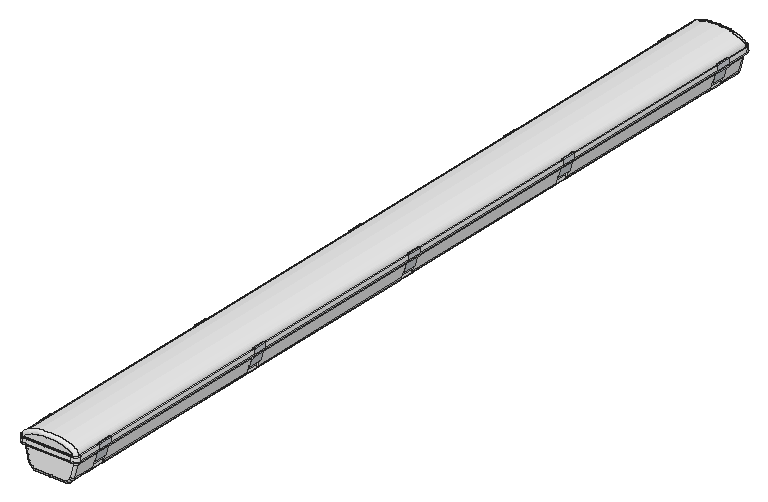
Revit family "0048836 Feilo Sylvania Lighting Fixture HYDROPROOF LED G3 1500MM T 4K QC D MW", category Lighting Fixtures, host Face, Revit 2016
Family settings
  Host = Face
  Part Type = Normal
  Round Connector Dimension = Use Diameter
  OmniClass Number = 23.80.70.11.14
  OmniClass Title = General Luminaries, Directional
  Cut with Voids When Loaded = No
  Light Source = Yes
  Shared = No
  Room Calculation Point = No
Parameters (values of type "0048836 HYDROPROOF LED G3 1500MM T 4K QC D MW")
  Width = 110 mm
  Weight = "2.71 kg"
  Wattage Comments = "n/a"
  Wattage = 48 W
  WarrantyStartDate [instance] = "n/a"
  WarrantyGuarantorParts = "n/a"
  WarrantyDurationUnit = "n/a"
  WarrantyDurationParts = "n/a"
  WarrantyDescription = "n/a"
  built-in parameter 1150110 = 1 (stored number, unit not read)
  Voltage = 230 V
  URL = "http://www.sylvania-lighting.com"
  TypeName = "HYDROPROOF LED G3 1500MM T 4K QC D MW"
  Type Image = <None>
  Type Comments = "n/a"
  built-in parameter 1114217 = 1 (stored number, unit not read)
  Tilt Angle = -90.00°
  built-in parameter 1150109 = 1 (stored number, unit not read)
  built-in parameter 1150134 = 12
  built-in parameter 1150113 = 1 (stored number, unit not read)
  SerialNumber [instance] = "n/a"
  ReflectorMaterial = none
  PowerFactor = 0
  PowerConsumption = "48 W"
  Photometric Web File = "0048836.ies"
  NominalWidth = 0 mm
  NominalLength = 1578 mm
  NominalHeight = 78 mm
  Name = "HYDROPROOF LED G3 1500MM T 4K QC D MW"
  ModelReference = "HYDROPROOF LED G3 1500MM T 4K QC D MW"
  ModelNumber = "0048836"
  Model = "HYDROPROOF LED G3 1500MM T 4K QC D MW"
  Material = "grp housing, pmma diffuser"
  ManufacturerName = "Feilo Sylvania"
  Manufacturer = "Feilo Sylvania"
  LuminousEfficacy = "144 lm/W"
  built-in parameter 1150105 = 550.04 (stored number, unit not read)
  Lumens = 6912 lm
  LuminaireType = ""
  built-in parameter 1150115 = 1 (stored number, unit not read)
  LightOutputRatio = "n/a"
  built-in parameter 1150137 = (empty or 0)
  built-in parameter 1150139 = (empty or 0)
  Length = 1572 mm
  LampsType = Lamp  # "LED"
  LampNominalLuminous = "6900 lm"
  LampMacAdamStep = "3"
  LampColourTemperature = "4000 K"
  LampColourRenderingIndex = "80"
  built-in parameter 1150112 = 1 (stored number, unit not read)
  built-in parameter 1150114 = 1 (stored number, unit not read)
  Lamp = "LED"
  Keynote = "16500"
  InstallationDate [instance] = "n/a"
  InputVoltage = "220-240V~"
  InputNominalFrequency = "DC/50/60 Hz"
  built-in parameter 1150132 = (empty or 0)
  built-in parameter 1150102 = (empty or 0)
  built-in parameter 1150107 = 4000 (stored number, unit not read)
  built-in parameter 1150138 = (empty or 0)
  IngressProtection = "IP65"
  ImpactProtectionIndex = "IK02"
  built-in parameter 1150106 = 5.5004 (stored number, unit not read)
  IfcExportType = "IfcLightFixtureType"
  IfcExportAs = "IfcLightFixtureType"
  ExpectedLife = 50000
  Emit from Rectangle Width = Width - 20 mm  # 90 mm
  Emit from Rectangle Length = Length - 20 mm  # 1552 mm
  Emit Shape Visible in Rendering = no
  ElectricShockClassification = "Class I"
  built-in parameter 1150104 = 13.378 (stored number, unit not read)
  DurationUnit = "hours"
  DocumentationLiterature = "http://www.sylvania-lighting.com/product/en-int/products/0048836"
  DimmingControlOptions = "Dimmable"
  Dimming Lamp Color Temperature Shift = <None>
  DiffuserMaterial = Diffuser-Sylvania-Transparent
  Description = "Hydroproof, integrated LED chemical resistant weatherproof luminaire with quick connector, with UV stabilized flat diffuser and linear prisms designed to achieve uniform lit appearance, optimise light output and to reduce glare, stainless steel diffuser clips and fixing brackets for surface and wall mounting. L 1578 mm x W 110 mm x H 78 mm size, GRP housing, PMMA diffuser, DALI dimmable, with MW sensor, 4000K, CRI80,  6900 lm, 48 W, 144 lm/W, nominal average life (h):50000, energy class: A++ A+ A Class I,IK02, IP65."
  Default Elevation = 1219.2 mm
  CreatedOn = "3/27/2018"
  CreatedBy = "aron.fodor@feilosylvania.com"
  Cost = 0
  Color Filter = 16777215
  built-in parameter 1114216 [instance] = (empty or 0)
  ClassificationValue = "EF_70_80"
  ClassificationName = "Uniclass2015"
  BodyMaterial = Body-Sylvania-Gray
  BarCode [instance] = "n/a"
  built-in parameter 1114218 = 1 (stored number, unit not read)
  built-in parameter 1150133 = 10 (stored number, unit not read)
  AssetType = "Fixed"
  AssetIdentifier [instance] = "n/a"
  Assembly Code = "D5020200"
  Apparent Load = 48 VA
  AccessoryMaterial = Diffuser-Sylvania-Glow
Reference planes
  plane 1 "Center (Front/Back)": y = 0
  plane 2: z = 0
  plane 3 "Center (Left/Right)": x = 0
  plane 4: z = 54
  plane 5: x = -27.7
  plane 6: x = -34.8
  plane 7: x = -39.6
  plane 8: x = -42.2
  plane 9: z = 3
  plane 10: z = 7.8
  plane 11: z = 12.3
  plane 12: z = 36.6
  plane 13: z = 42.8
  plane 14: x = -51.1
  plane 15: z = 46.2
  plane 16: x = -55
  plane 17: y = 786
  plane 18: y = -786
  plane 19: x = 27.7
  plane 20: x = 34.8
  plane 21: x = 39.6
  plane 22: x = 42.2
  plane 23: x = 51.1
  plane 24: x = 55
  plane 25: y = 778.4
  plane 26: y = -778.4
  plane 27: y = -774.7
  plane 28: y = 774.7
  plane 29: z = 74
  plane 30: x = -51.5
  plane 31: x = 51.5
  plane 32: z = 55.2
  plane 33: y = -782.5
  plane 34: y = 782.5
  plane 35: x = -37.5
  plane 36: x = 37.5
  plane 37: x = -48.7
  plane 38: x = 48.7
  plane 39: x = 18
  plane 40: x = -18
  plane 41: z = 50.2
  plane 42: z = 24.6
  plane 43: y = 720
  plane 44: y = 706
  plane 45: y = 734
  plane 46: y = -720
  plane 47: y = 720
  plane 48: y = 706
  plane 49: y = 734
  plane 50: y = -720
  plane 51: y = -734
  plane 52: y = -706
  plane 53: y = 360
  plane 54: y = 346
  plane 55: y = 374
  plane 56: y = 0
  plane 57: y = -14
  plane 58: y = 14
  plane 59: y = -360
  plane 60: y = -374
  plane 61: y = -346
Forms (mm)
  Sweep 1, solid, material "Body-Sylvania-Gray" <- "BodyMaterial", detail levels medium+fine
    path origin (1223.4, -4572, 54) x (0, -1, 0) y (1, 0, 0)
      loop
        arc (-3796, -1278.4) -> (-3788.929, -1275.471) -> (-3786, -1268.4) r 10
        line (-3786, -1268.4) -> (-3786, -1178.4)
        arc (-3786, -1178.4) -> (-3788.929, -1171.329) -> (-3796, -1168.4) r 10
        line (-3796, -1168.4) -> (-5348, -1168.4)
        arc (-5348, -1168.4) -> (-5355.071, -1171.329) -> (-5358, -1178.4) r 10
        line (-5358, -1178.4) -> (-5358, -1268.4)
        arc (-5358, -1268.4) -> (-5355.071, -1275.471) -> (-5348, -1278.4) r 10
        line (-5348, -1278.4) -> (-3796, -1278.4)
    profile origin (-55, 0, 54) x (-1, 0, 0) y (0, 0, 1)
      loop
        line (0, 0) -> (-1, 0) -> (-1, -7.726)
        arc (-1, -7.726) -> (-1.994, -9.498) -> (-3.9, -10.2) r 2.937
        line (-3.9, -10.2) -> (-8.571, -10.2) -> (-8.571, -11.2) -> (-3.9, -11.2)
        arc (-3.9, -11.2) -> (-1.313, -10.231) -> (0, -7.8) r 3.937
        line (0, -7.8) -> (0, 0)
  Sweep 2, solid, material "Body-Sylvania-Gray" <- "BodyMaterial", detail levels medium+fine
    path origin (0, 0, 0) x (1, 0, 0) y (0, 0, 1)
      loop
        line (48.7, 42.8) -> (48.7, 36.6) -> (42.203, 12.31)
        arc (42.203, 12.31) -> (41.199, 9.884) -> (39.6, 7.8) r 10.052
        line (39.6, 7.8) -> (34.8, 3)
        arc (34.8, 3) -> (31.554, 0.781) -> (27.7, 0) r 9.902
        line (27.7, 0) -> (0, 0) -> (-27.7, 0)
        arc (-27.7, 0) -> (-31.554, 0.781) -> (-34.8, 3) r 9.902
        line (-34.8, 3) -> (-39.6, 7.8)
        arc (-39.6, 7.8) -> (-41.199, 9.884) -> (-42.203, 12.31) r 10.052
        line (-42.203, 12.31) -> (-48.7, 36.6) -> (-48.7, 42.8)
    profile origin (0, 0, 0) x (0, 0, -1) y (0, -1, 0)
      loop
        arc (0, 773.4) -> (-1.464, 776.936) -> (-5, 778.4) r 5
        line (-5, 778.4) -> (-7.8, 778.4) -> (-7.8, -778.4) -> (-5, -778.4)
        arc (-5, -778.4) -> (-1.464, -776.936) -> (0, -773.4) r 5
        line (0, -773.4) -> (0, 773.4)
  Extrusion 3, solid, material "Body-Sylvania-Gray" <- "BodyMaterial", detail levels medium+fine
    sketch origin (1524, 778.4, 1219.2) x (1, 0, 0) y (0, 0, 1)
      loop
        arc (-1558.668, -1204.874) -> (-1558.443, -1205.418) -> (-1558.085, -1205.885) r 2.252
        line (-1558.085, -1205.885) -> (-1553.231, -1210.738)
        arc (-1553.231, -1210.738) -> (-1552.534, -1211.227) -> (-1551.7, -1211.4) r 2.102
        line (-1551.7, -1211.4) -> (-1496.3, -1211.4)
        arc (-1496.3, -1211.4) -> (-1495.466, -1211.227) -> (-1494.769, -1210.738) r 2.102
        line (-1494.769, -1210.738) -> (-1489.915, -1205.885)
        arc (-1489.915, -1205.885) -> (-1489.557, -1205.418) -> (-1489.332, -1204.874) r 2.252
        line (-1489.332, -1204.874) -> (-1483.1, -1181.575) -> (-1483.1, -1176.4) -> (-1564.9, -1176.4) -> (-1564.9, -1181.575) -> (-1558.668, -1204.874)
    from 0 to 1556.8
  Sweep 4, solid, material "Diffuser-Sylvania-Transparent" <- "DiffuserMaterial", detail levels medium+fine
    path origin (0, 0, 0) x (1, 0, 0) y (0, 0, 1)
      loop
        spline (-51.5, 55.2) -> (-49.745, 60.066) -> (-44.6, 64.6) -> (-36.416, 68.494) -> (-25.75, 71.481) -> (-13.329, 73.359) -> (0, 74) -> (13.329, 73.359) -> (25.75, 71.481) -> (36.416, 68.494) -> (44.6, 64.6) -> (49.745, 60.066) -> (51.5, 55.2)
    profile origin (51.5, 0, 55.2) x (0, -1, 0) y (1, 0, 0)
      loop
        arc (782.5, -5.5) -> (780.889, -1.611) -> (777, 0) r 5.5
        line (777, 0) -> (-777, 0)
        arc (-777, 0) -> (-780.889, -1.611) -> (-782.5, -5.5) r 5.5
        line (-782.5, -5.5) -> (-782.5, -6.3) -> (-781.5, -6.3) -> (-781.5, -5.5)
        arc (-781.5, -5.5) -> (-780.182, -2.318) -> (-777, -1) r 4.5
        line (-777, -1) -> (777, -1)
        arc (777, -1) -> (780.182, -2.318) -> (781.5, -5.5) r 4.5
        line (781.5, -5.5) -> (781.5, -6.347) -> (782.5, -6.347) -> (782.5, -5.5)
  Extrusion 5, solid, material "Diffuser-Sylvania-Transparent" <- "DiffuserMaterial", detail levels medium+fine
    sketch origin (1524, -782.5, 1219.2) x (1, 0, 0) y (0, 0, 1)
      loop
        line (-1569.653, -1164) -> (-1478.347, -1164)
        spline (-1478.347, -1164) -> (-1478.969, -1162.594) -> (-1482.527, -1159.545) -> (-1489.588, -1156.201) -> (-1499.458, -1153.445) -> (-1511.242, -1151.663) -> (-1524, -1151.049) -> (-1536.758, -1151.663) -> (-1548.542, -1153.445) -> (-1558.412, -1156.201) -> (-1565.473, -1159.545) -> (-1569.031, -1162.594) -> (-1569.653, -1164)
    from 0 to -1
  Extrusion 6, solid, material "Diffuser-Sylvania-Transparent" <- "DiffuserMaterial", detail levels medium+fine
    sketch origin (1524, 782.5, 1219.2) x (1, 0, 0) y (0, 0, 1)
      loop
        spline (-1478.3, -1164) -> (-1478.931, -1162.565) -> (-1482.502, -1159.505) -> (-1489.572, -1156.155) -> (-1499.446, -1153.394) -> (-1511.236, -1151.614) -> (-1524, -1151.007) -> (-1536.764, -1151.614) -> (-1548.554, -1153.394) -> (-1558.428, -1156.155) -> (-1565.498, -1159.505) -> (-1569.069, -1162.565) -> (-1569.7, -1164)
        line (-1569.7, -1164) -> (-1478.3, -1164)
    from 0 to 1
  Extrusion 7, solid, material "Diffuser-Sylvania-Transparent" <- "DiffuserMaterial", detail levels medium+fine
    sketch origin (1223.4, -4572, 55.2) x (0, -1, 0) y (-1, 0, 0)
      loop
        arc (-5353.5, 1177.4) -> (-5352.182, 1174.218) -> (-5349, 1172.9) r 4.5
        line (-5349, 1172.9) -> (-3795, 1172.9)
        arc (-3795, 1172.9) -> (-3791.818, 1174.218) -> (-3790.5, 1177.4) r 4.5
        line (-3790.5, 1177.4) -> (-3790.5, 1269.4)
        arc (-3790.5, 1269.4) -> (-3791.818, 1272.582) -> (-3795, 1273.9) r 4.5
        line (-3795, 1273.9) -> (-5349, 1273.9)
        arc (-5349, 1273.9) -> (-5352.182, 1272.582) -> (-5353.5, 1269.4) r 4.5
        line (-5353.5, 1269.4) -> (-5353.5, 1177.4)
      loop
        line (-5358, 1268.4) -> (-5358, 1178.4)
        arc (-5358, 1178.4) -> (-5355.071, 1171.329) -> (-5348, 1168.4) r 10
        line (-5348, 1168.4) -> (-3796, 1168.4)
        arc (-3796, 1168.4) -> (-3788.929, 1171.329) -> (-3786, 1178.4) r 10
        line (-3786, 1178.4) -> (-3786, 1268.4)
        arc (-3786, 1268.4) -> (-3788.929, 1275.471) -> (-3796, 1278.4) r 10
        line (-3796, 1278.4) -> (-5348, 1278.4)
        arc (-5348, 1278.4) -> (-5355.071, 1275.471) -> (-5358, 1268.4) r 10
    from 0 to 1.2
  Extrusion 8, solid, material "Diffuser-Sylvania-Glow" <- "AccessoryMaterial", detail levels fine
    sketch origin (0, 0, 0) x (1, 0, 0) y (0, 0, 1)
      loop
        circle (-18, 50.2) r 8
      loop
        circle (18, 50.2) r 8
    from -774.7 to 774.7
  Extrusion 9, void
    sketch origin (0, 720, 2343.807) x (0, 0, -1) y (-1, 0, 0)
      loop
        line (2340.807, -37.5) -> (2331.507, -37.5) -> (2319.207, -42.2) -> (2319.207, -48.7) -> (2340.807, -48.7) -> (2340.807, -37.5)
      loop
        line (2340.807, 37.5) -> (2340.807, 48.7) -> (2319.207, 48.7) -> (2319.207, 42.2) -> (2331.507, 37.5) -> (2340.807, 37.5)
    from -14 to 14
  Extrusion 10, solid, material "Body-Sylvania-Gray" <- "BodyMaterial", detail levels coarse
    sketch origin (0, 0, 0) x (1, 0, 0) y (0, 0, 1)
      loop
        line (55, 42.8) -> (55, 55.2) -> (-55, 55.2) -> (-55, 42.791) -> (-42.2, 0) -> (42.2, 0) -> (55, 42.8)
    from -786 to 786
  Extrusion 11, solid, material "Diffuser-Sylvania-Transparent" <- "DiffuserMaterial", detail levels coarse
    sketch origin (0, 0, 0) x (1, 0, 0) y (0, 0, 1)
      loop
        arc (51.5, 55.2) -> (0, 74) -> (-51.5, 55.2) r 79.939
        line (-51.5, 55.2) -> (51.5, 55.2)
    from 778.4 to -778.4
  Extrusion 12, void, not visible
    sketch origin (0, 720, 2343.807) x (0, 0, -1) y (-1, 0, 0)
      loop
        line (2340.807, -37.5) -> (2331.507, -37.5) -> (2319.207, -42.2) -> (2319.207, -48.7) -> (2340.807, -48.7) -> (2340.807, -37.5)
      loop
        line (2340.807, 37.5) -> (2340.807, 48.7) -> (2319.207, 48.7) -> (2319.207, 42.2) -> (2331.507, 37.5) -> (2340.807, 37.5)
    from -14 to 14
  Extrusion 13, void
    sketch origin (0, -720, 2343.807) x (0, 0, -1) y (-1, 0, 0)
      loop
        line (2340.807, -37.5) -> (2331.507, -37.5) -> (2319.207, -42.2) -> (2319.207, -48.7) -> (2340.807, -48.7) -> (2340.807, -37.5)
      loop
        line (2340.807, 37.5) -> (2340.807, 48.7) -> (2319.207, 48.7) -> (2319.207, 42.2) -> (2331.507, 37.5) -> (2340.807, 37.5)
    from -14 to 14
  Extrusion 14, void
    sketch origin (0, 360, 2343.807) x (0, 0, -1) y (-1, 0, 0)
      loop
        line (2340.807, -37.5) -> (2331.507, -37.5) -> (2319.207, -42.2) -> (2319.207, -48.7) -> (2340.807, -48.7) -> (2340.807, -37.5)
      loop
        line (2340.807, 37.5) -> (2340.807, 48.7) -> (2319.207, 48.7) -> (2319.207, 42.2) -> (2331.507, 37.5) -> (2340.807, 37.5)
    from -14 to 14
  Extrusion 15, void
    sketch origin (0, 0, 2343.807) x (0, 0, -1) y (-1, 0, 0)
      loop
        line (2340.807, -37.5) -> (2331.507, -37.5) -> (2319.207, -42.2) -> (2319.207, -48.7) -> (2340.807, -48.7) -> (2340.807, -37.5)
      loop
        line (2340.807, 37.5) -> (2340.807, 48.7) -> (2319.207, 48.7) -> (2319.207, 42.2) -> (2331.507, 37.5) -> (2340.807, 37.5)
    from -14 to 14
  Extrusion 16, void
    sketch origin (0, -360, 2343.807) x (0, 0, -1) y (-1, 0, 0)
      loop
        line (2340.807, -37.5) -> (2331.507, -37.5) -> (2319.207, -42.2) -> (2319.207, -48.7) -> (2340.807, -48.7) -> (2340.807, -37.5)
      loop
        line (2340.807, 37.5) -> (2340.807, 48.7) -> (2319.207, 48.7) -> (2319.207, 42.2) -> (2331.507, 37.5) -> (2340.807, 37.5)
    from -14 to 14
Cuts and joins
  Extrusion 9, Extrusion 13, Extrusion 14, Extrusion 15, Extrusion 16 cuts Sweep 2
  Extrusion 13, Extrusion 14, Extrusion 15, Extrusion 16 cuts Extrusion 3
  joined: Sweep 2, Extrusion 3
  joined: Sweep 4, Extrusion 5, Extrusion 6
Dimensions and locks
  locked: plane 4 to plane 2 at 54
  plane 5 to plane 6 to plane 7 to plane 8 to plane 14 to plane 16 = 7.1 mm locked, 4.8 mm locked, 2.6 mm locked, 8.9 mm, 3.9 mm
  plane 4 to plane 15 to plane 13 to plane 12 to plane 11 to plane 10 to plane 9 = 7.8 mm locked, 3.4 mm, 6.2 mm locked, 24.3 mm locked, 4.5 mm locked, 4.8 mm locked
  equal spacing: plane 18, plane 1 "Center (Front/Back)", plane 17
  "Length": plane 18 to plane 17
  plane 19 to plane 20 to plane 21 to plane 22 to plane 23 to plane 24 = 7.1 mm locked, 4.8 mm locked, 2.6 mm locked, 8.9 mm, 3.9 mm
  equal spacing: plane 24, plane 3 "Center (Left/Right)", plane 16
  "Width": plane 24 to plane 16
  equal spacing: plane 27, plane 1 "Center (Front/Back)", plane 28
  locked: plane 26 to plane 27 at 3.7
  locked: Sweep 1 sketch curve to profile plane at 1
  locked: Sweep 1 sketch curve to plane 13 at 1
  locked: Sweep 1 sketch curve to plane 13 at 3.937  (x2)
  locked: Sweep 1 sketch curve to profile plane at 3.9  (x2)
  locked: plane 29 to plane 4 at 20
  equal spacing: plane 31, plane 3 "Center (Left/Right)", plane 30
  locked: plane 30 to plane 16 at 3.5
  locked: plane 32 to plane 4 at 1.2
  equal spacing: plane 33, plane 1 "Center (Front/Back)", plane 34
  equal spacing: plane 36, plane 3 "Center (Left/Right)", plane 35
  locked: plane 3 "Center (Left/Right)" to plane 35 at 37.5
  locked: plane 34 to plane 17 at 3.5
  equal spacing: plane 38, plane 3 "Center (Left/Right)", plane 37
  locked: plane 37 to plane 16 at 6.3
  equal spacing: plane 25, plane 1 "Center (Front/Back)", plane 26
  locked: plane 17 to plane 25 at 7.6
  locked: Sweep 2 sketch curve to plane 2 at 5  (x2)
  locked: Sweep 2 sketch curve to plane 26 at 5
  locked: plane 25 to Sweep 2 sketch curve at 5
  locked: Sweep 4 sketch curve to plane 31 at 5.5  (x2)
  locked: Sweep 4 sketch curve to plane 34 at 5.5
  plane 33 to Sweep 4 sketch curve = 5.5 mm
  locked: plane 34 to Sweep 4 sketch curve at 1
  locked: Sweep 4 sketch curve to plane 31 at 1
  locked: Sweep 4 sketch curve to Sweep 4 sketch curve at 1
  locked: Sweep 4 sketch curve to plane 31 at 6.347
  locked: Sweep 4 sketch curve to plane 31 at 6.3
  equal spacing: plane 39, plane 3 "Center (Left/Right)", plane 40
  locked: plane 3 "Center (Left/Right)" to plane 40 at 18
  locked: plane 42 to plane 2 at 24.6
  plane 45 to plane 43 to plane 44 = 14 mm locked, 14 mm locked
  locked: plane 17 to plane 43 at 66
  equal spacing: plane 43, plane 1 "Center (Front/Back)", plane 46
  plane 49 to plane 47 to plane 48 = 14 mm locked, 14 mm locked
  plane 52 to plane 50 to plane 51 = 14 mm locked, 14 mm locked  (x2)
  equal spacing: group 1, group 6, group 7, group 8, group 5  (x2)
  equal spacing: group 5, group 8, group 7, group 6, group 1
  plane 55 to plane 53 to plane 54 = 14 mm locked, 14 mm locked  (x2)
  plane 58 to plane 56 to plane 57 = 14 mm locked, 14 mm locked  (x2)
  plane 61 to plane 59 to plane 60 = 14 mm locked, 14 mm locked  (x2)
  plane 43 to plane 53 to plane 1 "Center (Front/Back)" to plane 59 to plane 50 = 360 mm locked, 360 mm locked, 360 mm locked, 360 mm locked
  aligned and locked: plane 2 to host face
  aligned and locked: level to host face
  aligned and locked: plane 16 to Sweep 1 sketch curve
  aligned and locked: Sweep 1 sketch curve to plane 24
  aligned and locked: plane 18 to Sweep 1 sketch curve
  aligned and locked: Sweep 1 sketch curve to plane 13
  aligned and locked: profile plane to Sweep 1 sketch curve
  aligned and locked: plane 3 "Center (Left/Right)" to Sweep 2 sketch curve
  aligned and locked: plane 9 to Sweep 2 sketch curve
  aligned and locked: plane 10 to Sweep 2 sketch curve
  aligned and locked: plane 37 to Sweep 2 sketch curve
  aligned and locked: plane 12 to Sweep 2 sketch curve
  aligned and locked: Sweep 2 sketch curve to level
  aligned and locked: plane 21 to Sweep 2 sketch curve
  aligned and locked: plane 38 to Sweep 2 sketch curve
  aligned and locked: profile plane to Sweep 2 sketch curve
  aligned and locked: plane 25 to Sweep 2 sketch curve
  aligned and locked: Sweep 2 sketch curve to plane 10
  aligned and locked: Extrusion 3 sketch curve to Sweep 2  (x7)
  aligned and locked: Sweep 2 to Extrusion 3 sketch curve
  aligned and locked: Extrusion 3 to plane 25
  aligned and locked: plane 26 to Extrusion 3
  aligned and locked: plane 32 to Sweep 4 sketch curve
  aligned and locked: plane 33 to Sweep 4 sketch curve
  aligned and locked: Sweep 4 to Extrusion 5
  aligned and locked: plane 33 to Extrusion 5
  aligned and locked: Extrusion 5 sketch curve to Sweep 4
  aligned and locked: cut or joined group of Sweep 4, Extrusion 5, Extrusion 6 to Extrusion 6 sketch curve
  aligned and locked: Extrusion 7 sketch curve to cut or joined group of Sweep 4, Extrusion 5, Extrusion 6  (x2)
  aligned and locked: cut or joined group of Sweep 4, Extrusion 5, Extrusion 6 to Extrusion 7 sketch curve  (x2)
  aligned and locked: plane 41 to Extrusion 8 sketch curve  (x2)
  aligned and locked: plane 39 to Extrusion 8 sketch curve
  aligned and locked: plane 27 to Extrusion 8
  aligned and locked: Extrusion 8 to plane 28
  aligned and locked: Extrusion 9 to plane 42
  aligned and locked: plane 9 to Extrusion 9
  aligned and locked: plane 44 to Extrusion 9
  aligned and locked: Extrusion 9 to plane 45
  aligned and locked: Extrusion 7 sketch curve to Sweep 1  (x4)
  aligned and locked: plane 4 to Extrusion 7
  aligned and locked: Extrusion 7 to plane 32
  aligned and locked: nested 2 to plane 43
  aligned and locked: plane 43 to nested 1
  aligned and locked: Extrusion 10 sketch curve to plane 24
  aligned and locked: Extrusion 10 sketch curve to Extrusion 7
  aligned and locked: plane 8 to Extrusion 10 sketch curve
  aligned and locked: plane 22 to Extrusion 10 sketch curve
  aligned and locked: level to Extrusion 10 sketch curve
  aligned and locked: Extrusion 10 to plane 17
  aligned and locked: plane 18 to Extrusion 10
  aligned and locked: cut or joined group of Sweep 4, Extrusion 5, Extrusion 6 to Extrusion 11 sketch curve
  aligned and locked: Extrusion 11 sketch curve to cut or joined group of Sweep 4, Extrusion 5, Extrusion 6  (x2)
  aligned and locked: plane 31 to Extrusion 11 sketch curve
  aligned and locked: plane 30 to Extrusion 11 sketch curve
  aligned and locked: plane 26 to Extrusion 11
  aligned and locked: Extrusion 11 to plane 25
  aligned and locked: imposter light to plane 29
  aligned and locked: plane 3 "Center (Left/Right)" to imposter light
  aligned and locked: plane 1 "Center (Front/Back)" to imposter light
  aligned and locked: plane 51 to Extrusion 13
  aligned and locked: Extrusion 13 to plane 52
  aligned and locked: plane 54 to Extrusion 14
  aligned and locked: Extrusion 14 to plane 55
  aligned and locked: plane 57 to Extrusion 15
  aligned and locked: Extrusion 15 to plane 58
  aligned and locked: plane 60 to Extrusion 16
  aligned and locked: Extrusion 16 to plane 61
  aligned and locked: nested 3 to plane 53
  aligned and locked: plane 53 to nested 10
  aligned and locked: nested 4 to plane 56
  aligned and locked: plane 56 to nested 9
  aligned and locked: nested 5 to plane 59
  aligned and locked: plane 59 to nested 8
  aligned and locked: nested 6 to plane 50
  aligned and locked: plane 50 to nested 7
Automatic sketch dimensions
  host sketch curve to host sketch curve = 2438.4 mm  (x2)
  plane 17 to Sweep 1 sketch curve = 0 mm
  Sweep 1 sketch curve to plane 28 = 1.3 mm
  Sweep 1 sketch curve to plane 7 = 5.4 mm
  plane 27 to Sweep 1 sketch curve = 1.3 mm  (x2)
  Sweep 1 sketch curve to Sweep 1 sketch curve = 4.671 mm
  Sweep 1 sketch curve to plane 4 = 0 mm
  Sweep 2 sketch curve to plane 7 = 0 mm
  Sweep 2 sketch curve to plane 6 = 0 mm
  Sweep 2 sketch curve to plane 5 = 0 mm
  plane 19 to Sweep 2 sketch curve = 0 mm
  Sweep 2 sketch curve to plane 9 = 0 mm
  plane 20 to Sweep 2 sketch curve = 0 mm
  Sweep 2 sketch curve to plane 12 = 0 mm
  Sweep 2 sketch curve to plane 10 = 0 mm
  Sweep 2 sketch curve to plane 13 = 0 mm  (x2)
  Sweep 2 sketch curve to plane 8 = 0.003 mm
  plane 6 to Sweep 2 sketch curve = 2.308 mm
  plane 20 to Sweep 2 sketch curve = 2.308 mm
  Sweep 2 sketch curve to plane 22 = 0.003 mm
  Sweep 2 sketch curve to plane 11 = 0.01 mm  (x2)
  Extrusion 3 sketch curve to plane 5 = 0 mm
  plane 19 to Extrusion 3 sketch curve = 0 mm
  plane 6 to Extrusion 3 sketch curve = 0.132 mm
  plane 6 to Extrusion 3 sketch curve = 0.715 mm
  Extrusion 3 sketch curve to Extrusion 3 sketch curve = 1.592 mm
  Extrusion 3 sketch curve to plane 10 = 0.662 mm  (x2)
  plane 20 to Extrusion 3 sketch curve = 2.308 mm
  plane 20 to Extrusion 3 sketch curve = 0.715 mm
  plane 20 to Extrusion 3 sketch curve = 0.132 mm
  Sweep 4 sketch curve to plane 30 = 0 mm
  Sweep 4 sketch curve to plane 3 "Center (Left/Right)" = 0 mm
  Sweep 4 sketch curve to Sweep 4 sketch curve = 0 mm  (x2)
  plane 37 to Extrusion 5 sketch curve = 3.047 mm
  Extrusion 5 sketch curve to plane 38 = 3.047 mm
  plane 37 to Extrusion 6 sketch curve = 3 mm
  Extrusion 6 sketch curve to plane 38 = 3 mm
  plane 25 to Extrusion 7 sketch curve = 1.4 mm  (x2)
  Extrusion 7 sketch curve to plane 26 = 1.4 mm  (x2)
  Extrusion 8 sketch curve to plane 40 = 0 mm
  Extrusion 9 sketch curve to Extrusion 9 sketch curve = 0 mm
  Extrusion 9 sketch curve to Extrusion 9 sketch curve = 12.3 mm  (x2)
  Extrusion 9 sketch curve to Extrusion 9 sketch curve = 9.3 mm  (x2)
  Extrusion 9 sketch curve to Extrusion 9 sketch curve = 6.5 mm
  Extrusion 9 sketch curve to Extrusion 9 sketch curve = 4.7 mm  (x2)
  Extrusion 9 sketch curve to Extrusion 9 sketch curve = 75 mm
  Extrusion 9 sketch curve to Extrusion 9 sketch curve = 11.2 mm
  Extrusion 10 sketch curve to plane 13 = 0 mm
  plane 13 to Extrusion 10 sketch curve = 0.009 mm
  Extrusion 11 sketch curve to level = 5.939 mm
  Extrusion 10 sketch curve to plane 16 = 0 mm
  Extrusion 12 sketch curve to Extrusion 12 sketch curve = 0 mm
  Extrusion 12 sketch curve to Extrusion 12 sketch curve = 12.3 mm  (x2)
  Extrusion 12 sketch curve to Extrusion 12 sketch curve = 9.3 mm  (x2)
  Extrusion 12 sketch curve to Extrusion 12 sketch curve = 6.5 mm
  Extrusion 12 sketch curve to Extrusion 12 sketch curve = 4.7 mm  (x2)
  Extrusion 12 sketch curve to Extrusion 12 sketch curve = 75 mm
  Extrusion 12 sketch curve to Extrusion 12 sketch curve = 11.2 mm
  Extrusion 13 sketch curve to Extrusion 13 sketch curve = 0 mm
  Extrusion 13 sketch curve to Extrusion 13 sketch curve = 12.3 mm  (x2)
  Extrusion 13 sketch curve to Extrusion 13 sketch curve = 9.3 mm  (x2)
  Extrusion 13 sketch curve to Extrusion 13 sketch curve = 6.5 mm
  Extrusion 13 sketch curve to Extrusion 13 sketch curve = 4.7 mm  (x2)
  Extrusion 13 sketch curve to Extrusion 13 sketch curve = 75 mm
  Extrusion 13 sketch curve to Extrusion 13 sketch curve = 11.2 mm
  Extrusion 14 sketch curve to Extrusion 14 sketch curve = 0 mm
  Extrusion 14 sketch curve to Extrusion 14 sketch curve = 12.3 mm  (x2)
  Extrusion 14 sketch curve to Extrusion 14 sketch curve = 9.3 mm  (x2)
  Extrusion 14 sketch curve to Extrusion 14 sketch curve = 6.5 mm
  Extrusion 14 sketch curve to Extrusion 14 sketch curve = 4.7 mm  (x2)
  Extrusion 14 sketch curve to Extrusion 14 sketch curve = 75 mm
  Extrusion 14 sketch curve to Extrusion 14 sketch curve = 11.2 mm
  Extrusion 15 sketch curve to Extrusion 15 sketch curve = 0 mm
  Extrusion 15 sketch curve to Extrusion 15 sketch curve = 12.3 mm  (x2)
  Extrusion 15 sketch curve to Extrusion 15 sketch curve = 9.3 mm  (x2)
  Extrusion 15 sketch curve to Extrusion 15 sketch curve = 6.5 mm
  Extrusion 15 sketch curve to Extrusion 15 sketch curve = 4.7 mm  (x2)
  Extrusion 15 sketch curve to Extrusion 15 sketch curve = 75 mm
  Extrusion 15 sketch curve to Extrusion 15 sketch curve = 11.2 mm
  Extrusion 16 sketch curve to Extrusion 16 sketch curve = 0 mm
  Extrusion 16 sketch curve to Extrusion 16 sketch curve = 12.3 mm  (x2)
  Extrusion 16 sketch curve to Extrusion 16 sketch curve = 9.3 mm  (x2)
  Extrusion 16 sketch curve to Extrusion 16 sketch curve = 6.5 mm
  Extrusion 16 sketch curve to Extrusion 16 sketch curve = 4.7 mm  (x2)
  Extrusion 16 sketch curve to Extrusion 16 sketch curve = 75 mm
  Extrusion 16 sketch curve to Extrusion 16 sketch curve = 11.2 mm
  radius of Extrusion 8 sketch curve = 8 mm  (x2)
Nested families
  nested 1: "Clip" at (42.2, 720, 24.6), type "Clip", detail levels fine
  nested 2: "Clip" at (-42.2, 720, 24.6) x (-1, 0, 0) z (0, 0, 1), type "Clip", detail levels fine
  nested 3: "Clip" at (-42.2, 360, 24.6) x (-1, 0, 0) z (0, 0, 1), type "Clip", detail levels fine
  nested 4: "Clip" at (-42.2, 0, 24.6) x (-1, 0, 0) z (0, 0, 1), type "Clip", detail levels fine
  nested 5: "Clip" at (-42.2, -360, 24.6) x (-1, 0, 0) z (0, 0, 1), type "Clip", detail levels fine
  nested 6: "Clip" at (-42.2, -720, 24.6) x (-1, 0, 0) z (0, 0, 1), type "Clip", detail levels fine
  nested 7: "Clip" at (42.2, -720, 24.6), type "Clip", detail levels fine
  nested 8: "Clip" at (42.2, -360, 24.6), type "Clip", detail levels fine
  nested 9: "Clip" at (42.2, 0, 24.6), type "Clip", detail levels fine
  nested 10: "Clip" at (42.2, 360, 24.6), type "Clip", detail levels fine
Connectors
  electrical at (0, 0, 0), driven by "Apparent Load"
    settings: index 1, voltage 230 V, apparent load 48 VA, apparent load phase1 0 VA, apparent load phase2 0 VA, apparent load phase3 0 VA, power factor 0, load classification "Lighting", number of poles 1, system type 30, power factor state 1, is connector primary yes, connector utility no, sub classification motor no, connector description ""
Definition of nested family "Clip"
  Parameters (values of type "Clip")
    URL = "http://www.feilosylvania.com"
    Type Comments = "n/a"
    Model = "n/a"
    Manufacturer = "Feilo Sylvania"
    Keynote = "n/a"
    Description = "n/a"
    Default Elevation = 1219.2 mm
    Cost = 0
    BodyMaterial = none
    Assembly Code = "n/a"
  Reference planes
    plane 1 "Center (Front/Back)": y = 0
    plane 2: z = 0
    plane 3 "Center (Left/Right)": x = 0
    plane 4: x = 3.3
    plane 5: x = 6.5
    plane 6: x = 8.9
    plane 7: x = 12.8
    plane 8: z = 12
    plane 9: z = 18.2
    plane 10: z = 21.6
    plane 11: z = 30.6
    plane 12: x = 9.3
    plane 13: z = 19.2
    plane 14: z = 16.2
    plane 15: x = 10.1
    plane 16: y = 12
    plane 17: y = -12
  Forms (mm)
    Extrusion 1, solid
      sketch origin (-0.8, 0, 0) x (1, 0, 0) y (0, 1, 0)
        loop
          line (-1219.2, 1219.2) -> (-1219.2, -1219.2) -> (1219.2, -1219.2) -> (1219.2, 1219.2) -> (-1219.2, 1219.2)
      from 0 to -304.8
    Extrusion 2, solid
      sketch origin (0, 0, 0) x (1, 0, 0) y (0, 0, 1)
        loop
          line (8.9, 16.2) -> (4.58, 0) -> (0, 0) -> (0, -0.8) -> (5.195, -0.8) -> (9.603, 15.731) -> (13.6, 18.806) -> (13.6, 30.6)
          arc (13.6, 30.6) -> (11.45, 32.75) -> (9.3, 30.6) r 2.15
          line (9.3, 30.6) -> (10.1, 30.6)
          arc (10.1, 30.6) -> (11.45, 31.95) -> (12.8, 30.6) r 1.35
          line (12.8, 30.6) -> (12.8, 19.2) -> (8.9, 16.2)
      from -12 to 12
  Lines and regions (mm)
    reference lines
      curve 1: line (3.3, 0, 0) -> (6.5, 0, 12)
      curve 2: arc (8.9, 0, 18.2) -> (11.488, 0, 19.169) -> (12.8, 0, 21.6) r 3.934
  Dimensions and locks
    plane 7 to plane 6 to plane 5 to plane 4 to plane 3 "Center (Left/Right)" = 3.9 mm locked, 2.4 mm locked, 3.2 mm locked, 3.3 mm locked
    plane 11 to plane 10 to plane 9 to plane 8 to plane 2 = 9 mm locked, 3.4 mm locked, 6.2 mm locked, 12 mm locked
    locked: plane 7 to plane 12 at 3.5
    locked: plane 13 to plane 9 at 1
    locked: plane 9 to plane 14 at 2
    locked: plane 15 to plane 12 at 0.8
    locked: plane 2 to Extrusion 2 sketch curve at 0.8
    locked: Extrusion 2 sketch curve to Extrusion 2 sketch curve at 0.8  (x3)
    locked: plane 7 to Extrusion 2 sketch curve at 1.35
    equal spacing: plane 17, plane 1 "Center (Front/Back)", plane 16
    locked: plane 1 "Center (Front/Back)" to plane 16 at 12
    aligned and locked: plane 2 to Extrusion 1
    aligned and locked: level to Extrusion 1
    aligned and locked: plane 4 to curve 1
    aligned and locked: plane 5 to curve 1
    aligned and locked: plane 6 to curve 2
    aligned and locked: plane 10 to curve 2
    aligned and locked: plane 14 to Extrusion 2 sketch curve
    aligned and locked: plane 13 to Extrusion 2 sketch curve
    aligned and locked: plane 7 to Extrusion 2 sketch curve
    aligned and locked: plane 3 "Center (Left/Right)" to Extrusion 2 sketch curve
    aligned and locked: Extrusion 2 sketch curve to level
    aligned and locked: Extrusion 2 sketch curve to plane 11
    aligned and locked: plane 11 to Extrusion 2 sketch curve
    aligned and locked: Extrusion 2 to plane 16
    aligned and locked: plane 17 to Extrusion 2
  Automatic sketch dimensions
    Extrusion 1 sketch curve to Extrusion 1 sketch curve = 2438.4 mm  (x2)
    curve 2 to plane 7 = 0 mm
    curve 1 to level = 0 mm
    curve 1 to plane 8 = 0 mm
    curve 2 to plane 9 = 0 mm
    plane 6 to curve 2 = 0.002 mm
    Extrusion 2 sketch curve to Extrusion 2 sketch curve = 0 mm
    Extrusion 2 sketch curve to plane 6 = 0 mm
    plane 4 to Extrusion 2 sketch curve = 1.28 mm
